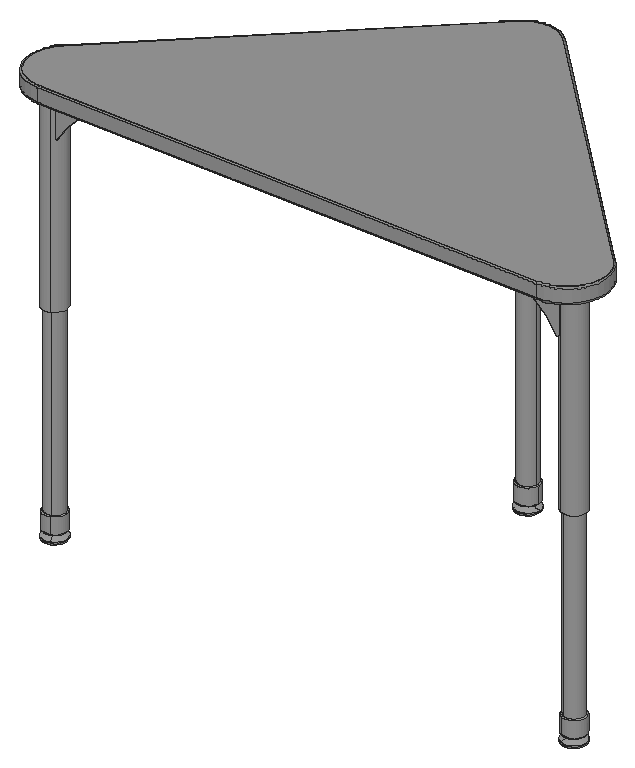
Revit family "Hierarchy Jet Desk", category Furniture, Revit 2018
Family settings
  Work Plane-Based = No
  Always vertical = Yes
  Cut with Voids When Loaded = No
  Shared = No
  Room Calculation Point = No
Parameters
  Desk Height = 2' - 5"
  Surface = Hierarchy Jet Desk Surface
  Leg Finish = Hierarchy Leg Platinum
  Edgeband = Hierarchy Jet Desk Edgeband
  Caster/Glide = Hierarchy Leg - Glide : Hierarchy Leg - Glide
Reference planes (in)
  plane 1 "Center (Front/Back)": y = 0
  plane 2: z = 0
  plane 3 "Center (Left/Right)": x = 0
  plane 4 "Table Height": z = 29
Dimensions and locks (in)
  "Desk Height": plane 4 "Table Height" to level
  aligned and locked: plane 2 to level
  aligned and locked: nested 3 to plane 4 "Table Height"
Nested families (in)
  nested 1: "Hierarchy Leg - Glide" at (-18.52685, -8.72545, 0) x (-0.3827, 0.9239, 0) z (0, 0, 1), type <- "Caster/Glide", Leg Finish <- "Leg Finish", Leg Height <- "Desk Height", type "Hierarchy Leg - Glide"
  nested 2: "Hierarchy Leg - Glide" at (0, 10.30743, 0), Leg Finish <- "Leg Finish", Leg Height <- "Desk Height", type "Hierarchy Leg - Glide"
  nested 3: "Hierarchy Jet Tabletop" at (0, 0, 0.5), type "Hierarchy Jet Tabletop"
  nested 4: "Hierarchy Leg - Glide" at (18.52685, -8.72545, 0) x (0.3827, 0.9239, 0) z (0, 0, 1), type <- "Caster/Glide", Leg Finish <- "Leg Finish", Leg Height <- "Desk Height", type "Hierarchy Leg - Glide"
Definition of nested family "Hierarchy Leg - Glide"
  Parameters (values of type "Hierarchy Leg - Glide")
    Leg Finish [instance] = none
    Leg Height [instance] = 2' - 5"
  Reference planes (in)
    plane 1 "Center (Front/Back)": y = 0
    plane 2: z = 0
    plane 3 "Center (Left/Right)": x = 0
  Forms (in)
    Extrusion 1, solid
      sketch origin (-0.01562, 0, 0) x (1, 0, 0) y (0, 1, 0)
        loop
          circle (0.01563, 0) r 0.67016
      from 0.67618 to 16.17618
    Revolve 2, solid
      sketch origin (0, 0, 0) x (1, 0, 0) y (0, 0, 1)
        loop
          line (-0.73189, 1.80118) -> (-0.79439, 1.73867) -> (-0.79439, 0.61381) -> (-0.73176, 0.55118) -> (-0.125, 0.55118) -> (-0.125, 0.42618) -> (-0.84656, 0.16241) -> (-0.84656, 0.08994) -> (-0.81359, 0) -> (0, 0) -> (0, 1.80118) -> (-0.73189, 1.80118)
        axis (0, 1.80118) -> (0, 0)
      angle from 0 to 360
  Dimensions and locks (in)
    "Leg Height": nested 1 to level
    aligned and locked: plane 2 to level
  Automatic sketch dimensions
    plane 1 "Center (Front/Back)" to Extrusion 1 sketch curve = 0' - 0"
    Extrusion 1 sketch curve to plane 3 "Center (Left/Right)" = 0' - 0"
    Revolve 2 sketch curve to level = 0' - 0"
    Revolve 2 sketch curve to plane 3 "Center (Left/Right)" = 0' - 0"  (x2)
    Revolve 2 sketch curve to plane 3 "Center (Left/Right)" = 0' - 0 1/8"
    Revolve 2 sketch curve to Revolve 2 sketch curve = 0' - 0.60676"
    Revolve 2 sketch curve to Revolve 2 sketch curve = 0' - 0.73189"
    Revolve 2 sketch curve to Revolve 2 sketch curve = 0' - 0.06263"  (x2)
    Revolve 2 sketch curve to Revolve 2 sketch curve = 0' - 0.08183"
    Revolve 2 sketch curve to Revolve 2 sketch curve = 0' - 0.03297"
    level to Revolve 2 sketch curve = 0' - 0.08994"
    Revolve 2 sketch curve to Revolve 2 sketch curve = 0' - 0.07247"
    level to Revolve 2 sketch curve = 0' - 0.42618"
    Revolve 2 sketch curve to Revolve 2 sketch curve = 0' - 0 1/8"
    Revolve 2 sketch curve to Revolve 2 sketch curve = 0' - 1.12486"
    Revolve 2 sketch curve to Revolve 2 sketch curve = 0' - 0 1/16"
    Revolve 2 sketch curve to level = 2' - 0"
    Revolve 2 sketch curve to Revolve 2 sketch curve = 8' - 4.91764"
    radius of Extrusion 1 sketch curve = 0' - 0.67016"
  Nested families (in)
    nested 1: "Hierarchy Upper Leg 2023" at (0, 0, 1.19783), Shapes Leg Finish <- "Leg Finish", type "Hierarchy Upper Leg 2023"
      with Shapes Leg Finish none
  Definition of nested family "Hierarchy Upper Leg 2023"
    Parameters (values of type "Hierarchy Upper Leg 2023")
      Shapes Leg Finish [instance] = none
    Reference planes (in)
      plane 1 "Center (Front/Back)": y = 0
      plane 2: z = 0
      plane 3 "Center (Left/Right)": x = 0
    Forms (in)
      Extrusion 1, solid, material <- "Shapes Leg Finish"
        sketch origin (0, 0, 0) x (1, 0, 0) y (0, 1, 0)
          loop
            circle (0, 0) r 0.84802
        from 13.67618 to 27.67618
      Extrusion 2, solid, material <- "Shapes Leg Finish"
        sketch origin (0, 0, 0) x (1, 0, 0) y (0, 1, 0)
          loop
            line (-1.70174, 0.19183) -> (-2.88626, -2.26116)
            arc (-2.88626, -2.26116) -> (-2.83993, -3.09822) -> (-2.1063, -3.50394) r 0.86614
            line (-2.1063, -3.50394) -> (2.1063, -3.50394)
            arc (2.1063, -3.50394) -> (2.83993, -3.09822) -> (2.88626, -2.26116) r 0.86614
            line (2.88626, -2.26116) -> (1.70174, 0.19183)
            arc (1.70174, 0.19183) -> (0, 1.25984) -> (-1.70174, 0.19183) r 1.88976
        from 27.67618 to 27.80217
      Extrusion 3, solid, material <- "Shapes Leg Finish"
        sketch origin (-1.48519, 8.66524, 0) x (-0.434844, 0.900506, 0) y (0, 0, 1)
          loop
            line (-9.01425, 27.67618) -> (-11.80952, 27.67618)
            arc (-11.80952, 27.67618) -> (-11.92325, 27.58993) -> (-11.87088, 27.45715) r 0.11811
            arc (-11.87088, 27.45715) -> (-10.39364, 26.29679) -> (-9.23328, 24.81955) r 7.87402
            arc (-9.23328, 24.81955) -> (-9.1005, 24.76717) -> (-9.01425, 24.88091) r 0.11811
            line (-9.01425, 24.88091) -> (-9.01425, 27.67618)
        from -1.94075 to -1.81476
      Extrusion 4, solid, material <- "Shapes Leg Finish"
        sketch origin (1.48519, 8.66524, 0) x (0.434844, 0.900506, 0) y (0, 0, -1)
          loop
            line (-9.01425, -27.67618) -> (-9.01425, -24.88091)
            arc (-9.01425, -24.88091) -> (-9.1005, -24.76717) -> (-9.23328, -24.81955) r 0.11811
            arc (-9.23328, -24.81955) -> (-10.39364, -26.29679) -> (-11.87088, -27.45715) r 7.87402
            arc (-11.87088, -27.45715) -> (-11.92325, -27.58993) -> (-11.80952, -27.67618) r 0.11811
            line (-11.80952, -27.67618) -> (-9.01425, -27.67618)
        from -1.94075 to -1.81476
    Dimensions and locks (in)
      aligned and locked: plane 2 to level
Definition of nested family "Hierarchy Jet Tabletop"
  Parameters (values of type "Hierarchy Jet Tabletop")
    Surface = none
    Edgeband = none
  Reference planes (in)
    plane 1 "Center (Front/Back)": y = 0
    plane 2: z = 0
    plane 3 "Center (Left/Right)": x = 0
  Forms (in)
    Extrusion 1, solid, material <- "Surface"
      sketch origin (0, 0, 0) x (1, 0, 0) y (0, 1, 0)
        loop
          line (-1.60204, 11.4309) -> (-19.61851, -6.58558)
          arc (-19.61851, -6.58558) -> (-20.18117, -9.41426) -> (-17.78313, -11.01659) r 2.59563
          line (-17.78313, -11.01659) -> (17.78313, -11.01659)
          arc (17.78313, -11.01659) -> (20.18117, -9.41426) -> (19.61851, -6.58558) r 2.59563
          line (19.61851, -6.58558) -> (1.60204, 11.4309)
          arc (1.60204, 11.4309) -> (0, 12.09448) -> (-1.60204, 11.4309) r 2.26562
      from 28.5 to 29.625
    Sweep 2, solid, material <- "Edgeband"
      path in 3D
        loop
          arc (17.78313, -11.01659, 29.625) -> (20.18117, -9.41426, 29.625) -> (19.61851, -6.58558, 29.625) r 2.59563
          line (19.61851, -6.58558, 29.625) -> (1.60204, 11.4309, 29.625)
          arc (1.60204, 11.4309, 29.625) -> (0, 12.09448, 29.625) -> (-1.60204, 11.4309, 29.625) r 2.26562
          line (-1.60204, 11.4309, 29.625) -> (-19.61851, -6.58558, 29.625)
          arc (-19.61851, -6.58558, 29.625) -> (-20.18117, -9.41426, 29.625) -> (-17.78313, -11.01659, 29.625) r 2.59563
          line (-17.78313, -11.01659, 29.625) -> (17.78313, -11.01659, 29.625)
      profile origin (0, -11.01659, 29.625) x (0, 1, 0) y (0, 0, 1)
        loop
          arc (-0.10581, -1.01919) -> (-0.07482, -1.09401) -> (0, -1.125) r 0.10581
          line (0, -1.125) -> (0, 0)
          arc (0, 0) -> (-0.07482, -0.03099) -> (-0.10581, -0.10581) r 0.10581
          line (-0.10581, -0.10581) -> (-0.10581, -1.01919)
  Lines and regions (in)
    sketch lines
      curve 1: line (-17.78313, -11.01659, 29.625) -> (17.78313, -11.01659, 29.625)
      curve 2: arc (-17.78313, -11.01659, 29.625) -> (-20.18117, -9.41426, 29.625) -> (-19.61851, -6.58558, 29.625) r 2.59563
      curve 3: line (-1.60204, 11.4309, 29.625) -> (-19.61851, -6.58558, 29.625)
      curve 4: arc (-1.60204, 11.4309, 29.625) -> (0, 12.09448, 29.625) -> (1.60204, 11.4309, 29.625) r 2.26562
      curve 5: line (19.61851, -6.58558, 29.625) -> (1.60204, 11.4309, 29.625)
      curve 6: arc (19.61851, -6.58558, 29.625) -> (20.18117, -9.41426, 29.625) -> (17.78313, -11.01659, 29.625) r 2.59563
  Dimensions and locks (in)
    aligned and locked: plane 2 to level
